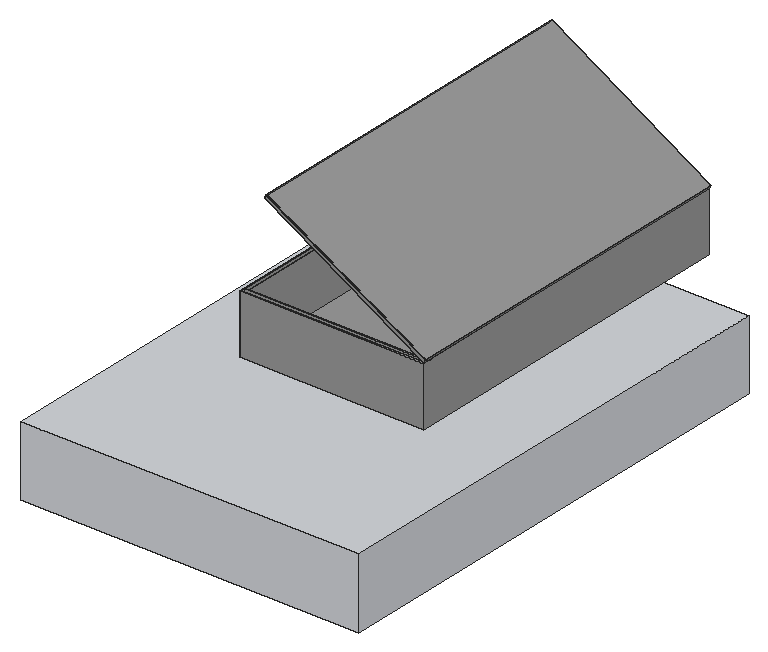
Revit family "Hager-Univers-IP55-D275-H1550-Cl.I-Steel_encl-CH-it", category Equipement électrique, Revit 2020
Family settings
  Hôte = Face
  Configuration du panneau = Deux colonnes, circuits au sein
  Cote de connecteur circulaire = Utiliser le diamètre
  Type d'élément = Tableau de raccordement
  Couper avec des vides une fois chargée = Non
  Partagée = Non
  Point de calcul de pièce = Non
Parameters (values of type "A parete IP55 L800 A1550 P275  - FR03E")
  Width Control [instance] = if([EF000008 - Larghezza] > Min Width, [EF000008 - Larghezza], Min Width)  # 800 mm
  Commentaires du type = [HG000003 - Gamma]  # "Univers"
  Thickness Door [instance] = if([EF009171 - spessore materiale porta/coperchio] > 3 mm, 3 mm, [EF009171 - spessore materiale porta/coperchio])  # 1.5 mm
  Seal Frame Offset [instance] = 17 mm  # constant formula
  Plinth Visibility [instance] = [HG000027 - Altezza dello zoccolo] > 0 mm  # no
  Model = ""
  Min Width [instance] = 100 mm  # constant formula
  Min Height [instance] = 100 mm  # constant formula
  Min Depth [instance] = (2 * [EF009170 - spessore materiale scatola]) + 1 mm  # 4 mm
  Internal Frame Depth [instance] = (Door System Depth * 0.5)  # 9 mm
  Height Control [instance] = if([EF000040 - Altezza] > Min Height, [EF000040 - Altezza], Min Height)  # 1550 mm
  HG000027 - Altezza dello zoccolo = 0 mm
  HG000026 - A pavimento = no
  HG000024 - Altezza della sezione inferiore = 800 mm
  HG000023 - Custodia a doppia sezione = no
  HG000016 - Visibilità delle porte nella vista 3D [instance] = yes
  HG000015 - Visibilità attraverso la porta [instance] = no
  HG000014 - Porta destra [instance] = yes
  HG000013 - Porta sinistra [instance] = not([HG000014 - Porta destra])  # no
  HG000012 - Angolo di apertura della porta [instance] = 30.00°
  HG000010 - Porte asimmetriche = no
  HG000009 - Porta doppia a battente = no
  HG000006 - Ad incasso = no
  HG000004 - Codice produttore = "FR03E"
  HG000003 - Gamma = "Univers"
  HG000002 - Con porta = yes
  Frame Offset Bottom [instance] = 10 mm  # constant formula
  Frame Offset [instance] = 15 mm  # constant formula
  EF015940 - Coprire con rilascio di sovrapressione = no
  EF011959 - tipo di protezione (NEMA) = ""
  EF009554 - numero delle aperture per la piastra della flangia = 6
  Fabricant = "Hager"  # constant formula
  EF009212 - esecuzione coperchio = "EV000116 - chiuso"
  EF009171 - spessore materiale porta/coperchio = 1.5 mm
  EF009170 - spessore materiale scatola = 1.5 mm
  EF008873 - corrente nominale (In) = 800 A
  EF007800 - adatto per parafulmine = no
  EF006306 - con serratura = no
  EF006244 - coperchio/porta trasparente = no
  EF005474 - grado di protezione (IP) = "EV006420 - IP55"
  EF004464 - tipo di porta = "EV002646 - singolo"
  EF004427 - numero di moduli = 360
  EF004293 - resistenza agli urti = "EV008784 - IK10"
  EF003532 - adatto per uso esterno = no
  EF002950 - Numero moduli DIN = 24
  EF001613 - Integrità del circuito = "EV000494 - senza"
  EF001596 - Attacco Lampada = "EV000179 - acciaio"
  EF001131 - profondità interna = 275 mm
  EF001088 - possibilità di applicazione = yes
  EF000437 - numero di ingressi per conduttori = 6
  EF000339 - tipo di copertura = "EV004216 - porta"
  EF000266 - numero di file = 10
  EF000218 - profondità di incasso = 0 mm
  EF000118 - con piastra di montaggio = no
  EF000116 - numero RAL = "7035"
  EF000049 - profondità = 275 mm
  EF000040 - Altezza = 1550 mm
  EF000008 - Larghezza = 800 mm
  EF000007 - colore = "EV000270 - grigio"
  EF000003 - Tipo di montaggio = "EV000384 - A parete"
  Door System Leaf Tolerance [instance] = 1.5 mm  # constant formula
  Door System Depth [instance] = 18 mm  # constant formula
  Door Height [instance] = Height Control - [HG000027 - Altezza dello zoccolo]  # 1550 mm
  Depth Control [instance] = if([EF000049 - profondità] > Min Depth, [EF000049 - profondità], Min Depth)  # 275 mm
  Default Elevation = 0 mm
  Connector Offset [instance] = Height Control / 2  # 775 mm
  Bottom Top Plate Trim [instance] = 1.5 mm  # constant formula
  Plinth height Ctrl [instance] = if([HG000027 - Altezza dello zoccolo] > 0 mm, [HG000027 - Altezza dello zoccolo], 12 mm)  # 12 mm
Types (5, lengths in mm): name | Width Control | HG000010 - Porte asimmetriche | HG000009 - Porta doppia a battente | HG000004 - Codice produttore | EF009554 - numero delle aperture per la piastra della flangia | EF004464 - tipo di porta | EF004427 - numero di moduli | EF000437 - numero di ingressi per conduttori | EF000008 - Larghezza
  A parete IP55 L1050 A1550 P275  - FR04E | 1050 | no | yes | "FR04E" | 8 | "EV003602 - doppio" | 480 | 8 | 1050
  A parete IP55 L1300 A1550 P275  - FR05E | 1300 | yes | yes | "FR05E" | 10 | "EV003602 - doppio" | 600 | 10 | 1300
  A parete IP55 L300 A1550 P275  - FR01E | 300 | no | no | "FR01E" | 2 | "EV002646 - singolo" | 120 | 2 | 300
  A parete IP55 L550 A1550 P275  - FR02E | 550 | no | no | "FR02E" | 4 | "EV002646 - singolo" | 240 | 4 | 550
  A parete IP55 L800 A1550 P275  - FR03E | 800 | no | no | "FR03E" | 6 | "EV002646 - singolo" | 360 | 6 | 800
Reference planes
  plane 1 "Center (Front/Back)": y = 0
  plane 2: z = 0
  plane 3 "Center (Left/Right)": x = 0
  plane 4: z = 275
  plane 5: y = 1.5
  plane 6: y = 775
  plane 7: y = 0
  plane 8: y = 1550
  plane 9: z = 0
  plane 10: x = -385
  plane 11: x = 385
  plane 12: x = 383.5
  plane 13: x = -383.5
  plane 14: y = 1548.5
  plane 15: x = -383
  plane 16: x = -400
  plane 17: x = 383
  plane 18: x = 400
  plane 19: x = 398.5
  plane 20: x = -398.5
  plane 21: y = 11.5
  plane 22: y = 1550
  plane 23: y = 1533.5
  plane 24: z = 257
  plane 25: z = 1.5
  plane 26: z = 255.5
  plane 27: z = 273.5
Forms (mm)
  Extrusion 1, solid
    sketch origin (0, 0, 0) x (1, 0, 0) y (0, 1, 0)
      loop
        line (-702.964, 1305) -> (-702.964, -811.445) -> (766.763, -811.445) -> (766.763, 1305) -> (-702.964, 1305)
    from 0 to -304.8
  Extrusion 2, solid, material "Hager_Steel_RAL7035_Light_Grey", visible <- "Plinth Visibility", detail levels medium+fine
    sketch origin (0, 0, 0) x (1, 0, 0) y (0, 1, 0)
      loop
        line (-400, 0) -> (400, 0) -> (400, 12) -> (-400, 12) -> (-400, 0)
    from 0 to 257
  Extrusion 3, solid, material "Hager_Steel_RAL7035_Light_Grey", detail levels medium+fine
    sketch origin (0, 0, 0) x (1, 0, 0) y (0, 1, 0)
      loop
        line (-400, 0) -> (400, 0) -> (400, 1550) -> (-400, 1550) -> (-400, 0)
    from 0 to 257
  Extrusion 4, void
    sketch origin (0, 0, 0) x (1, 0, 0) y (0, 1, 0)
      loop
        line (-398.5, 1.5) -> (398.5, 1.5) -> (398.5, 1548.5) -> (-398.5, 1548.5) -> (-398.5, 1.5)
    from 1.5 to 255.5
  Extrusion 5, void
    sketch origin (-381.607, -4572, 257) x (0, -1, 0) y (-1, 0, 0)
      loop
        line (-4583.5, 1.893) -> (-6105.5, 1.893) -> (-6105.5, -765.107) -> (-4583.5, -765.107) -> (-4583.5, 1.893)
    from 0 to 1.5 <- "EF009170 - spessore materiale scatola"
  Extrusion 6, solid, material "Hager_Steel_RAL7035_Light_Grey", detail levels fine
    sketch origin (0, 0, 257) x (1, 0, 0) y (0, 1, 0)
      loop
        line (-383.5, 1533.5) -> (-383.5, 11.5) -> (383.5, 11.5) -> (383.5, 1533.5) -> (-383.5, 1533.5)
      loop
        line (-385, 10) -> (385, 10) -> (385, 1535) -> (-385, 1535) -> (-385, 10)
    from 0 to 9 <- "Internal Frame Depth"
  Extrusion 7, solid, material "Hager_Steel_RAL7035_Light_Grey", detail levels coarse
    sketch origin (0, 0, 0) x (1, 0, 0) y (0, 1, 0)
      loop
        line (-400, 0) -> (400, 0) -> (400, 1550) -> (-400, 1550) -> (-400, 0)
    from 0 to 275
  Sweep 8, void
    path in 3D
      loop
        line (-400, 12, 0) -> (400, 12, 0) -> (400, 12, 257) -> (-400, 12, 257) -> (-400, 12, 0)
    profile origin (-400, 12, 128.5) x (-1, 0, 0) y (0, -1, 0)
      loop
        line (0, 0) -> (0, 1.5) -> (-1.5, 1.5)
        arc (-1.5, 1.5) -> (-1.061, 0.439) -> (0, 0) r 1.5
Cuts and joins
  Extrusion 4, Extrusion 5 cuts Extrusion 3
  Sweep 8 cuts Extrusion 2
Lines and regions (mm)
  Masking region 1
    outline origin (0, 0, 0) x (1, 0, 0) y (0, 0, 1)
      loop
        line (-400, 275) -> (-400, 0) -> (400, 0) -> (400, 275) -> (-400, 275)
  Masking region 2, detail levels medium+fine
    outline origin (0, 140, 0) x (0, 1, 0) y (0, 0, 1)
      loop
        line (-140, 0) -> (1410, 0) -> (1410, 257) -> (-140, 257) -> (-140, 0)
  Masking region 3, not visible, detail levels medium+fine
    outline origin (0, 297.922, 0) x (0, 1, 0) y (0, 0, 1)
      loop
        line (488.578, 0) -> (528.578, 0) -> (528.578, 263.5)
        arc (528.578, 263.5) -> (525.649, 270.571) -> (518.578, 273.5) r 10
        line (518.578, 273.5) -> (488.578, 273.5) -> (488.578, 0)
  Masking region 4, detail levels coarse
    outline origin (0, 0, 180) x (0, 1, 0) y (0, 0, 1)
      loop
        line (0, -180) -> (1550, -180) -> (1550, 95) -> (0, 95) -> (0, -180)
  Masking region 5, visible <- "Plinth Visibility", detail levels medium+fine
    outline origin (0, 52.24, 12.345) x (0, 0, -1) y (0, 1, 0)
      loop
        line (10.845, -40.24) -> (-243.155, -40.24)
        arc (-243.155, -40.24) -> (-243.594, -41.301) -> (-244.655, -41.74) r 1.5
        line (-244.655, -41.74) -> (-244.655, -52.24) -> (12.345, -52.24) -> (12.345, -41.74)
        arc (12.345, -41.74) -> (11.285, -41.301) -> (10.845, -40.24) r 1.5
  Masking region 6, detail levels medium+fine
    outline origin (-381.607, -4572, 257) x (-1, 0, 0) y (0, -1, 0)
      loop
        line (18.393, -6122) -> (18.393, -4572) -> (-781.607, -4572) -> (-781.607, -6122) -> (18.393, -6122)
  Masking region 7, visible <- "Plinth Visibility", detail levels medium+fine
    outline origin (-381.607, -4727, 257) x (-1, 0, 0) y (0, -1, 0)
      loop
        arc (16.893, -4739) -> (17.332, -4737.939) -> (18.393, -4737.5) r 1.5
        line (18.393, -4737.5) -> (18.393, -4727) -> (-781.607, -4727) -> (-781.607, -4737.5)
        arc (-781.607, -4737.5) -> (-780.546, -4737.939) -> (-780.107, -4739) r 1.5
        line (-780.107, -4739) -> (16.893, -4739)
  Masking region 8, detail levels coarse
    outline origin (-442.548, -4669.526, 257) x (-1, 0, 0) y (0, -1, 0)
      loop
        line (-42.548, -6219.526) -> (-42.548, -4669.526) -> (-842.548, -4669.526) -> (-842.548, -6219.526) -> (-42.548, -6219.526)
  sketch lines
    curve 1: line (-400, 12, 257) -> (-400, 12, 0)
    curve 2: line (400, 12, 257) -> (-400, 12, 257)
    curve 3: line (400, 12, 257) -> (400, 12, 0)
    curve 4: line (-400, 12, 0) -> (400, 12, 0)
Dimensions and locks
  "Depth Control": plane 4 to Extrusion 1
  "HG000027 - Altezza dello zoccolo": plane 1 "Center (Front/Back)" to plane 7
  "EF009170 - spessore materiale scatola": plane 5 to plane 7
  locked: connector elem to plane 3 "Center (Left/Right)"
  equal spacing: plane 8, plane 6, plane 7
  locked: connector elem to plane 6
  "EF009170 - spessore materiale scatola": plane 8 to plane 14
  "EF009170 - spessore materiale scatola": plane 10 to plane 13
  "EF009170 - spessore materiale scatola": plane 12 to plane 11
  "Frame Offset": plane 20 to plane 13
  "Frame Offset": plane 12 to plane 19
  "EF009170 - spessore materiale scatola": plane 16 to plane 20
  "EF009170 - spessore materiale scatola": plane 19 to plane 18
  "Seal Frame Offset": plane 16 to plane 15
  "Seal Frame Offset": plane 17 to plane 18
  "Frame Offset Bottom": plane 21 to plane 5
  "Frame Offset": plane 14 to plane 23
  equal spacing: plane 16, plane 3 "Center (Left/Right)", plane 18
  "Width Control": plane 16 to plane 18
  "EF009170 - spessore materiale scatola": plane 4 to plane 27
  "EF009170 - spessore materiale scatola": plane 24 to plane 26
  "EF009170 - spessore materiale scatola": plane 25 to level
  "Door System Depth": plane 4 to plane 24
  "Height Control": plane 1 "Center (Front/Back)" to Extrusion 7 sketch curve
  "Height Control": Masking region 4 sketch curve to plane 1 "Center (Front/Back)"
  "Height Control": plane 1 "Center (Front/Back)" to plane 22
  "Bottom Top Plate Trim": profile plane to Sweep 8 sketch curve
  "Bottom Top Plate Trim": Sweep 8 sketch curve to profile plane
  "Plinth height Ctrl": plane 1 "Center (Front/Back)" to Extrusion 2 sketch curve
  "Plinth height Ctrl": Masking region 5 sketch curve to plane 1 "Center (Front/Back)"
  "Plinth height Ctrl": plane 1 "Center (Front/Back)" to Masking region 7 sketch curve
  "Thickness Door": Extrusion 6 sketch curve to Extrusion 6 sketch curve  (x3)
  "Thickness Door": cut or joined group of Extrusion 3, Extrusion 4, Extrusion 5 to Extrusion 6 sketch curve
  radius of Masking region 3 sketch curve = 10 mm
  "Bottom Top Plate Trim": radius of Masking region 5 sketch curve  (x2)
  "Bottom Top Plate Trim": radius of Sweep 8 sketch curve
  "Bottom Top Plate Trim": radius of Masking region 7 sketch curve  (x2)
  aligned and locked: plane 2 to Extrusion 1
  aligned and locked: level to Extrusion 1
  aligned and locked: level to Masking region 1 sketch curve
  aligned and locked: Masking region 1 sketch curve to plane 18
  aligned and locked: Masking region 1 sketch curve to plane 16
  aligned and locked: plane 7 to Masking region 2 sketch curve
  aligned and locked: level to Masking region 3 sketch curve
  aligned and locked: Masking region 3 sketch curve to plane 27
  aligned and locked: level to Masking region 2 sketch curve
  aligned and locked: plane 1 "Center (Front/Back)" to Extrusion 2 sketch curve
  aligned and locked: Extrusion 3 sketch curve to plane 7
  aligned and locked: plane 16 to Extrusion 3 sketch curve
  aligned and locked: plane 18 to Extrusion 3 sketch curve
  aligned and locked: plane 20 to Extrusion 4 sketch curve
  aligned and locked: plane 19 to Extrusion 4 sketch curve
  aligned and locked: Extrusion 4 sketch curve to plane 5
  aligned and locked: Extrusion 4 to plane 25
  aligned and locked: plane 26 to Extrusion 4
  aligned and locked: plane 24 to Extrusion 3
  aligned and locked: Extrusion 5 sketch curve to plane 21
  aligned and locked: Extrusion 5 sketch curve to plane 13
  aligned and locked: Extrusion 5 sketch curve to plane 12
  aligned and locked: plane 18 to Extrusion 7 sketch curve
  aligned and locked: plane 1 "Center (Front/Back)" to Extrusion 7 sketch curve
  aligned and locked: plane 16 to Extrusion 7 sketch curve
  aligned and locked: plane 4 to Extrusion 7
  aligned and locked: Extrusion 7 to level
  aligned and locked: level to Masking region 4 sketch curve
  aligned and locked: Masking region 4 sketch curve to plane 1 "Center (Front/Back)"
  aligned and locked: Masking region 4 sketch curve to plane 4
  aligned and locked: nested 1 to level
  aligned and locked: nested 1 to plane 16
  aligned and locked: plane 8 to Extrusion 3 sketch curve
  aligned and locked: plane 23 to Extrusion 5 sketch curve
  aligned and locked: plane 14 to Extrusion 4 sketch curve
  aligned and locked: Masking region 2 sketch curve to plane 8
  aligned and locked: level to Masking region 5 sketch curve
  aligned and locked: plane 16 to Extrusion 2 sketch curve
  aligned and locked: plane 18 to Extrusion 2 sketch curve
  aligned and locked: Masking region 5 sketch curve to plane 24
  aligned and locked: Masking region 2 sketch curve to plane 24
  aligned and locked: plane 24 to Extrusion 2
  aligned and locked: profile plane to Sweep 8 sketch curve  (x2)
  aligned and locked: Masking region 6 sketch curve to plane 18
  aligned and locked: Masking region 6 sketch curve to plane 22
  aligned and locked: Masking region 6 sketch curve to plane 16
  aligned and locked: plane 8 to plane 22
  aligned and locked: Masking region 6 sketch curve to plane 7
  aligned and locked: Masking region 7 sketch curve to plane 16
  aligned and locked: Masking region 7 sketch curve to plane 1 "Center (Front/Back)"
  aligned and locked: Masking region 7 sketch curve to plane 18
  aligned and locked: Masking region 8 sketch curve to plane 1 "Center (Front/Back)"
  aligned and locked: Masking region 8 sketch curve to plane 18
  aligned and locked: Masking region 8 sketch curve to plane 22
  aligned and locked: Masking region 8 sketch curve to plane 16
  aligned and locked: nested 2 to plane 7
  aligned and locked: plane 3 "Center (Left/Right)" to nested 2
  aligned and locked: nested 2 to plane 24
  aligned and locked: Extrusion 6 sketch curve to cut or joined group of Extrusion 3, Extrusion 4, Extrusion 5  (x4)
Automatic sketch dimensions
  Extrusion 1 sketch curve to Extrusion 1 sketch curve = 1469.727 mm
  Extrusion 1 sketch curve to Extrusion 1 sketch curve = 2116.445 mm
  Masking region 1 sketch curve to plane 4 = 0 mm
  plane 6 to Masking region 3 sketch curve = 11.5 mm
  Masking region 3 sketch curve to Masking region 3 sketch curve = 30 mm
  Masking region 5 sketch curve to plane 1 "Center (Front/Back)" = 0 mm
Nested families
  nested 1: "Hager_Enclosure_Symbol" at (-400, 0, 0) x (1, 0, 0) z (0, -1, 0), Height <- "Depth Control", Width <- "Width Control", type "Hager_Enclosure_Symbol"
    with Width_Ctrl 800 mm, Width 800 mm, Height_Ctrl 275 mm, Height 275 mm, A_Width_Int 18.047 mm, A_Width 216.562 mm, A_Height_Ctrl 240.625 mm, A_Height 240.625 mm
  nested 2: "EC000058_Univers_Door" at (0, 0, 257) x (1, 0, 0) z (0, 1, 0), Leaf_Tolerance <- "Door System Leaf Tolerance", Angle <- "HG000012 - Angolo di apertura della porta", Door_Depth <- "Door System Depth", Door_Left <- "HG000013 - Porta sinistra", Transparent <- "EF006244 - coperchio/porta trasparente", Assymetrical <- "HG000010 - Porte asimmetriche", Width <- "Width Control", Clearance <- "HG000015 - Visibilità attraverso la porta", Double <- "HG000009 - Porta doppia a battente", 3d_Door <- "HG000016 - Visibilità delle porte nella vista 3D", Lock_Visibility <- "EF006306 - con serratura", Width_Ctrl <- "Width Control", Door_Right <- "HG000014 - Porta destra", Door <- "HG000002 - Con porta", Height <- "Door Height", Thickness <- "Thickness Door", type "EC000058_Univers_Door", detail levels medium+fine
    with min_wh 4 mm, Width_Ctrl 800 mm, Width 800 mm, Transparent no, Thickness 1.5 mm, Seal_Material Hager_Rubber, Lock_Visibility no, Lock_Material Hager_Plastic_RAL9005_Jet_Black, Leaf_Width 800 mm, Leaf_Tolerance_External_Sides 0 mm, Leaf_Tolerance 1.5 mm, Leaf_Offset 0 mm, Leaf_Height 1547 mm, Leaf_2_Width 800 mm, Leaf_2_Offset 400 mm, Leaf_1_Width 800 mm, Leaf_1_Offset 400 mm, Height_Ctrl 1550 mm, Height 1550 mm, Glass_Material Hager_Glass, Double_Clearance_Ctrl no, Double no, Door_Right_Ctrl yes, Door_Right yes, Door_Material Hager_Steel_RAL7035_Light_Grey, Door_Left_Ctrl no, Door_Left no, Door_Depth 18 mm, Door yes, Clearance_Material Hager_Clearance, Clearance_Depth 800 mm, Clearance_Ctrl no, Clearance no, Assymetrical no, Angle 30.00°, 3d_Door yes
Connectors
  electrical at (0, 775, 0)
    settings: on plane 9, index 1, voltage 0 V, apparent load 0 VA, apparent load phase1 0 VA, apparent load phase2 0 VA, apparent load phase3 0 VA, power factor 1, load classification "Other", number of poles 1, system type 30, power factor state 1, is connector primary yes, connector utility no, sub classification motor no, connector description ""
Definition of nested family "EC000058_Univers_Door"
  Parameters (values of type "EC000058_Univers_Door")
    min_wh [instance] = (2 * Thickness) + 1 mm  # 11 mm
    Width_Ctrl [instance] = 400 mm
    Width [instance] = 500 mm
    Transparent [instance] = yes
    Thickness [instance] = 5 mm
    Seal_Material [instance] = none
    Lock_Visibility [instance] = yes
    Lock_Material [instance] = none
    Leaf_Width [instance] = if((Width_Ctrl - 2 * Leaf_Tolerance_External_Sides) > 0 mm, (Width_Ctrl - 2 * Leaf_Tolerance_External_Sides), min_wh)  # 400 mm
    Leaf_Tolerance_External_Sides [instance] = 0 mm  # constant formula
    Leaf_Tolerance [instance] = 1.5 mm
    Leaf_Offset [instance] = 0 mm  # constant formula
    Leaf_Height [instance] = if((Height_Ctrl - 2 * Leaf_Tolerance) > 0 mm, (Height_Ctrl - 2 * Leaf_Tolerance), min_wh)  # 497 mm
    Leaf_2_Width [instance] = if(and(and(Double, Assymetrical), Door_Left), (Leaf_Width / 3) - (Leaf_Tolerance / 2), if(and(and(Double, Assymetrical), Door_Right), (Leaf_Width / 3) * 2 - (Leaf_Tolerance / 2), if(and(Double, not(Assymetrical)), (Leaf_Width / 2) - Leaf_Tolerance, Leaf_Width)))  # 400 mm
    Leaf_2_Offset [instance] = if(and(Double, Assymetrical), Leaf_2_Width / 2, if(and(Double, not(Assymetrical)), Leaf_Width / 4, Leaf_Width / 2))  # 200 mm
    Leaf_1_Width [instance] = if(and(and(Double, Assymetrical), Door_Right), (Leaf_Width / 3) - (Leaf_Tolerance / 2), if(and(and(Double, Assymetrical), Door_Left), (Width / 3) * 2 - (Leaf_Tolerance / 2), if(and(Double, not(Assymetrical)), (Leaf_Width / 2) - Leaf_Tolerance, Leaf_Width)))  # 400 mm
    Leaf_1_Offset [instance] = if(and(Double, Assymetrical), Leaf_1_Width / 2, if(and(Double, not(Assymetrical)), Leaf_Width / 4, Leaf_Width / 2))  # 200 mm
    Height_Ctrl [instance] = if(Height > min_wh, Height, min_wh)  # 500 mm
    Height [instance] = 500 mm
    Glass_Material [instance] = none
    Double_Clearance_Ctrl [instance] = and(Double, Clearance)  # no
    Double [instance] = no
    Door_Right_Ctrl [instance] = and(or(Door_Right, Double), Door)  # yes
    Door_Right [instance] = yes
    Door_Material [instance] = none
    Door_Left_Ctrl [instance] = and(or(Door_Left, Double), Door)  # no
    Door_Left [instance] = no
    Door_Depth [instance] = 30 mm
    Door [instance] = yes
    Default Elevation = 1219.2 mm
    Clearance_Material [instance] = none
    Clearance_Depth [instance] = if(Leaf_1_Width > Leaf_2_Width, Leaf_1_Width, Leaf_2_Width)  # 400 mm
    Clearance_Ctrl [instance] = and(not(Double), Clearance)  # yes
    Clearance [instance] = yes
    Assymetrical [instance] = yes
    Angle [instance] = 30.00°
    3d_Door [instance] = yes
  Reference planes
    plane 1 "Center (Front/Back)": y = 0
    plane 2 "Bottom": z = 0
    plane 3 "Center (Left/Right)": x = 0
    plane 4: z = 500
    plane 5: x = -200
    plane 6: x = 200
    plane 7: z = 500
    plane 8: x = -200
    plane 9: z = 0
    plane 10: x = 200
    plane 11: y = 0
    plane 12: z = 1.5
    plane 13: x = -600
    plane 14: y = -400
    plane 15: x = 600
    plane 16: x = 0
    plane 17: x = 0
    plane 18: x = -200
    plane 19: x = 200
    plane 20: z = 498.5
  Forms (mm)
    Extrusion 1, solid, material <- "Clearance_Material", visible <- "Double_Clearance_Ctrl"
      sketch origin (1200, 0, 0) x (1, 0, 0) y (0, 0, -1)
        loop
          line (-1800, -498.5) -> (-600, -498.5) -> (-600, 0) -> (-1800, 0) -> (-1800, -498.5)
      from 0 to -400
  Dimensions and locks
    equal spacing: plane 5, plane 3 "Center (Left/Right)", plane 6
    "Width_Ctrl": plane 5 to plane 6
    "Leaf_Offset": plane 5 to plane 8
    "Leaf_Offset": plane 6 to plane 10
    "Leaf_Offset": plane 9 to level
    "Leaf_Offset": plane 4 to plane 7
    "Height_Ctrl": plane 4 to level
    "Leaf_Tolerance": plane 12 to plane 9
    locked: plane 11 to plane 1 "Center (Front/Back)"
    "Leaf_1_Offset": plane 18 to plane 16
    "Leaf_2_Offset": plane 17 to plane 19
    "Leaf_1_Width": plane 13 to plane 8
    "Leaf_2_Width": plane 10 to plane 15
    "Clearance_Depth": plane 14 to plane 1 "Center (Front/Back)"
    "Leaf_Tolerance_External_Sides": plane 8 to plane 18
    "Leaf_Tolerance_External_Sides": plane 19 to plane 10
    "Leaf_Tolerance": plane 7 to plane 20
    aligned and locked: level to plane 2 "Bottom"
    aligned and locked: nested 1 to plane 16
    aligned and locked: nested 2 to plane 17
    aligned and locked: Extrusion 1 to plane 13
    aligned and locked: plane 15 to Extrusion 1
    aligned and locked: Extrusion 1 to plane 14
    aligned and locked: plane 12 to nested 1
    aligned and locked: nested 2 to plane 12
    aligned and locked: Extrusion 1 to plane 11
    aligned and locked: plane 20 to Extrusion 1
    aligned and locked: nested 2 to plane 11
    aligned and locked: nested 1 to plane 11
  Automatic sketch dimensions
    Extrusion 1 sketch curve to level = 0 mm
    plane 5 to Extrusion 1 sketch curve = 400 mm
    plane 6 to Extrusion 1 sketch curve = 400 mm
    Extrusion 1 sketch curve to plane 4 = 1.5 mm
  Nested families
    nested 1: "EC000058_Univers_Door_Leaf" at (0, 0, 1.5), Width <- "Leaf_1_Width", visible <- "Door_Left_Ctrl", Leaf_Height <- "Leaf_Height", Angle <- "Angle", 3d_Door <- "3d_Door", Transparent <- "Transparent", Clearance Material <- "Clearance_Material", Clearance <- "Clearance_Ctrl", Door_Material <- "Door_Material", Glass_Material <- "Glass_Material", Door_Depth <- "Door_Depth", Lock_Material <- "Lock_Material", Seal_Material <- "Seal_Material", Lock_Visibility <- "Lock_Visibility", Thickness <- "Thickness", type "EC000058_Univers_Door_Leaf"
      with Width 400 mm, Transparent_Glass_Offset 30 mm, Transparent_Ctrl yes, Transparent yes, Thickness 5 mm, Standard no, Seal_Material none, Seal_D2 8 mm, Seal_D1 1 mm, Offset_Internal_Frame 10 mm, Lock_Width 20 mm, Lock_Visibility_3d yes, Lock_Visibility yes, Lock_Thickness_3 3 mm, Lock_Thickness_2 1 mm, Lock_Thickness_1 3 mm, Lock_Radius_Offset_2 16 mm, Lock_Radius_Offset_1 15 mm, Lock_Radius_2 5 mm, Lock_Radius 6 mm, Lock_Offset 5 mm, Lock_Material none, Lock_Height 80 mm, Lock_Cover_Top_Offset_2d 17 mm, Lock_Cover_Height -65 mm, Leaf_Height 497 mm, Internal_Seal_Thickness 8 mm, Internal_Seal_Depth_2 4.5 mm, Internal_Frame_Depth 25 mm, Glass_Thickness -1 mm, Glass_Offset -2 mm, Glass_Material none, Door_Material none, Door_Depth 30 mm, Clearance Material none, Clearance yes, Angle_Ctrl 30.00°, Angle 30.00°, 3d_Door yes
    nested 2: "EC000058_Univers_Door_Leaf" at (0, 0, 1.5) x (-1, 0, 0) z (0, 0, 1), Width <- "Leaf_2_Width", visible <- "Door_Right_Ctrl", Leaf_Height <- "Leaf_Height", Angle <- "Angle", 3d_Door <- "3d_Door", Transparent <- "Transparent", Clearance Material <- "Clearance_Material", Clearance <- "Clearance_Ctrl", Door_Material <- "Door_Material", Glass_Material <- "Glass_Material", Door_Depth <- "Door_Depth", Lock_Material <- "Lock_Material", Seal_Material <- "Seal_Material", Lock_Visibility <- "Lock_Visibility", Thickness <- "Thickness", type "EC000058_Univers_Door_Leaf"
      with Width 400 mm, Transparent_Glass_Offset 30 mm, Transparent_Ctrl yes, Transparent yes, Thickness 5 mm, Standard no, Seal_Material none, Seal_D2 8 mm, Seal_D1 1 mm, Offset_Internal_Frame 10 mm, Lock_Width 20 mm, Lock_Visibility_3d yes, Lock_Visibility yes, Lock_Thickness_3 3 mm, Lock_Thickness_2 1 mm, Lock_Thickness_1 3 mm, Lock_Radius_Offset_2 16 mm, Lock_Radius_Offset_1 15 mm, Lock_Radius_2 5 mm, Lock_Radius 6 mm, Lock_Offset 5 mm, Lock_Material none, Lock_Height 80 mm, Lock_Cover_Top_Offset_2d 17 mm, Lock_Cover_Height -65 mm, Leaf_Height 497 mm, Internal_Seal_Thickness 8 mm, Internal_Seal_Depth_2 4.5 mm, Internal_Frame_Depth 25 mm, Glass_Thickness -1 mm, Glass_Offset -2 mm, Glass_Material none, Door_Material none, Door_Depth 30 mm, Clearance Material none, Clearance yes, Angle_Ctrl 30.00°, Angle 30.00°, 3d_Door yes
  Definition of nested family "EC000058_Univers_Door_Leaf"
    Parameters (values of type "EC000058_Univers_Door_Leaf")
      Width [instance] = 2000 mm
      Transparent_Glass_Offset [instance] = 30 mm
      Transparent_Ctrl [instance] = and(Transparent, [3d_Door])  # yes
      Transparent [instance] = yes
      Thickness [instance] = 5 mm
      Standard [instance] = and(not(Transparent), [3d_Door])  # no
      Seal_Material [instance] = none
      Seal_D2 [instance] = 8 mm  # constant formula
      Seal_D1 [instance] = 1 mm  # constant formula
      Offset_Internal_Frame [instance] = 10 mm  # constant formula
      Lock_Width [instance] = 20 mm  # constant formula
      Lock_Visibility_3d [instance] = and(Lock_Visibility, [3d_Door])  # yes
      Lock_Visibility [instance] = yes
      Lock_Thickness_3 [instance] = 3 mm  # constant formula
      Lock_Thickness_2 [instance] = 1 mm  # constant formula
      Lock_Thickness_1 [instance] = 3 mm  # constant formula
      Lock_Radius_Offset_2 [instance] = Lock_Radius_Offset_1 + 1 mm  # 16 mm
      Lock_Radius_Offset_1 [instance] = 15 mm  # constant formula
      Lock_Radius_2 [instance] = Lock_Radius - 1 mm  # 5 mm
      Lock_Radius [instance] = 6 mm  # constant formula
      Lock_Offset [instance] = 5 mm  # constant formula
      Lock_Material [instance] = none
      Lock_Height [instance] = 80 mm  # constant formula
      Lock_Cover_Top_Offset_2d [instance] = Lock_Radius_Offset_2 + 1 mm  # 17 mm
      Lock_Cover_Height [instance] = -(Lock_Height - Lock_Radius_Offset_1)  # -65 mm
      Leaf_Height [instance] = 2720.336 mm
      Internal_Seal_Thickness [instance] = 8 mm  # constant formula
      Internal_Seal_Depth_2 [instance] = 4.5 mm  # constant formula
      Internal_Frame_Depth [instance] = if(Door_Depth - Thickness > 5 mm, Door_Depth - Thickness, 5 mm)  # 25 mm
      Glass_Thickness [instance] = if(Thickness > 15 mm, Glass_Offset + 10 mm, -1 mm)  # -1 mm
      Glass_Offset [instance] = if(Thickness > 15 mm, -(Thickness + 10 mm) / 2, -2 mm)  # -2 mm
      Glass_Material [instance] = none
      Door_Material [instance] = none
      Door_Depth [instance] = 30 mm
      Default Elevation = 0 mm
      Clearance Material [instance] = none
      Clearance [instance] = yes
      Angle_Ctrl [instance] = if(Angle > 180.00°, 180.00°, Angle)  # 90.00°
      Angle [instance] = 90.00°
      3d_Door [instance] = yes
    Reference planes
      plane 1 "Center (Front/Back)": y = 0
      plane 2: z = 0
      plane 3 "Center (Left/Right)": x = 0
      plane 4: y = 2000
      plane 5: x = -1000
      plane 6: x = 1000
      plane 7: x = -3000
      plane 8: z = 2720.336
      plane 9: z = 30
      plane 10: z = 2690.336
      plane 11: x = 970
      plane 12: x = -970
      plane 13: y = -3
      plane 14: z = 107.833
      plane 15: y = -5
      plane 16: y = -223.314
      plane 17: x = -1000
      plane 18: z = 1360.168
      plane 19: y = 30
    Forms (mm)
      Extrusion 1, solid, material <- "Clearance Material", visible <- "Clearance"
        sketch origin (0, 0, 0) x (1, 0, 0) y (0, 0, 1)
          loop
            line (-3000, 2720.336) -> (-3000, 0) -> (1000, 0) -> (1000, 2720.336) -> (-3000, 2720.336)
        from 0 to -2000
      Extrusion 2, solid, material <- "Door_Material", visible <- "Standard", detail levels medium+fine
        sketch origin (-1000, 0, 0) x (0, 1, 0) y (-1, 0, 0)
          loop
            line (0, 30) -> (0, 25) -> (2000, 25) -> (2000, 30) -> (0, 30)
        from 0 to 2720.336 <- "Leaf_Height"
      Extrusion 3, solid, material <- "Door_Material", visible <- "Transparent_Ctrl", detail levels medium+fine
        sketch origin (-1000, 0, 0) x (0, 1, 0) y (-1, 0, 0)
          loop
            line (0, 25) -> (2000, 25) -> (2000, 30) -> (0, 30) -> (0, 25)
        from 0 to 2720.336 <- "Leaf_Height"
      Extrusion 4, void
        sketch origin (-1025, 2000, 0) x (0, 1, 0) y (0, 0, -1)
          loop
            line (-30, -2690.336) -> (-30, -30) -> (-1970, -30) -> (-1970, -2690.336) -> (-30, -2690.336)
        from 0 to 5 <- "Thickness"
      Sweep 5, solid, material <- "Seal_Material", visible <- "Transparent_Ctrl", detail levels fine
        path in 3D
          loop
            line (-1025, 30, 30) -> (-1025, 30, 2690.336) -> (-1025, 1970, 2690.336) -> (-1025, 1970, 30) -> (-1025, 30, 30)
        profile origin (-1025, 1000, 30) x (1, 0, 0) y (0, 0, 1)
          loop
            line (0, 0) -> (0, -8) -> (1, -8) -> (1, 0) -> (0, 0)
      Extrusion 6, solid, material <- "Glass_Material", visible <- "Transparent_Ctrl", detail levels medium+fine
        sketch origin (-1030, 0, 0) x (0, 1, 0) y (0, 0, -1)
          loop
            line (1970, -2690.336) -> (1970, -30) -> (30, -30) -> (30, -2690.336) -> (1970, -2690.336)
        from -2 <- "Glass_Offset" to -1 <- "Glass_Thickness"
      Extrusion 7, solid, material <- "Door_Material", visible <- "3d_Door", detail levels medium+fine
        sketch origin (-1025, 2000, 0) x (0, -1, 0) y (0, 0, -1)
          loop
            line (0, -2720.336) -> (2000, -2720.336) -> (2000, 0) -> (0, 0) -> (0, -2720.336)
          loop
            line (1995, -5) -> (5, -5) -> (5, -2715.336) -> (1995, -2715.336) -> (1995, -5)
        from 0 to 25 <- "Internal_Frame_Depth"
      Sweep 8, solid, material <- "Seal_Material", visible <- "Transparent_Ctrl", detail levels fine
        path in 3D
          loop
            line (-1025, 0, 0) -> (-1025, 2000, 0) -> (-1025, 2000, 2720.336) -> (-1025, 0, 2720.336) -> (-1025, 0, 0)
        profile origin (-1025, 0, 1360.168) x (1, 0, 0) y (0, 1, 0)
          loop
            line (0, 10) -> (2.975, 10)
            arc (2.975, 10) -> (4.053, 10.447) -> (4.5, 11.525) r 1.525
            line (4.5, 11.525) -> (4.5, 16.527)
            arc (4.5, 16.527) -> (4.069, 17.569) -> (3.027, 18) r 1.473
            line (3.027, 18) -> (0, 18) -> (0, 10)
      Extrusion 9, solid, material <- "Lock_Material", visible <- "Lock_Visibility_3d", detail levels fine
        sketch origin (-1030, 0, 0) x (0, 1, 0) y (0, 0, -1)
          loop
            arc (1993.5, -1400.168) -> (1994.561, -1399.729) -> (1995, -1398.668) r 1.5
            line (1995, -1398.668) -> (1995, -1320.168) -> (1975, -1320.168) -> (1975, -1398.668)
            arc (1975, -1398.668) -> (1975.439, -1399.729) -> (1976.5, -1400.168) r 1.5
            line (1976.5, -1400.168) -> (1993.5, -1400.168)
        from 3 <- "Lock_Thickness_1" to 0
      Blend 10, solid, material <- "Lock_Material", visible <- "Lock_Visibility_3d", detail levels fine
        base sketch origin (-1033, 0, 0) x (0, 1, 0) y (0, 0, -1)
          loop
            line (1975, -1320.168) -> (1975, -1398.668)
            arc (1975, -1398.668) -> (1975.439, -1399.729) -> (1976.5, -1400.168) r 1.5
            line (1976.5, -1400.168) -> (1993.5, -1400.168)
            arc (1993.5, -1400.168) -> (1994.561, -1399.729) -> (1995, -1398.668) r 1.5
            line (1995, -1398.668) -> (1995, -1320.168) -> (1975, -1320.168)
        top sketch origin (-1033, 0, 0) x (0, 1, 0) y (0, 0, -1)
          loop
            line (1976, -1320.168) -> (1976, -1398.668)
            arc (1976, -1398.668) -> (1976.146, -1399.022) -> (1976.5, -1399.168) r 0.5
            line (1976.5, -1399.168) -> (1993.5, -1399.168)
            arc (1993.5, -1399.168) -> (1993.854, -1399.022) -> (1994, -1398.668) r 0.5
            line (1994, -1398.668) -> (1994, -1320.168) -> (1976, -1320.168)
        from 0 to 1 <- "Lock_Thickness_2"
      Blend 11, solid, material <- "Lock_Material", visible <- "Lock_Visibility_3d", detail levels fine
        base sketch origin (-1034, 0, 0) x (0, 1, 0) y (0, 0, -1)
          loop
            line (1978, -1320.168) -> (1978, -1384.168)
            arc (1978, -1384.168) -> (1985, -1391.168) -> (1992, -1384.168) r 7
            line (1992, -1384.168) -> (1992, -1320.168) -> (1978, -1320.168)
        top sketch origin (-1034, 0, 0) x (0, 1, 0) y (0, 0, -1)
          loop
            line (1991, -1320.168) -> (1979, -1320.168) -> (1979, -1383.168)
            arc (1979, -1383.168) -> (1985, -1389.168) -> (1991, -1383.168) r 6
            line (1991, -1383.168) -> (1991, -1320.168)
        from 0 to 3 <- "Lock_Thickness_3"
      Extrusion 12, solid, material <- "Lock_Material", visible <- "Lock_Visibility_3d", detail levels fine
        sketch origin (-1030, 1975, 1320.168) x (1, 0, 0) y (0, -1, 0)
          loop
            line (-7, -19) -> (-7, -1) -> (0, -1) -> (0, 0) -> (-8, 0) -> (-8, -20) -> (0, -20) -> (0, -19) -> (-7, -19)
        from 0 to -65 <- "Lock_Cover_Height"
      Extrusion 13, void
        sketch origin (-1038, 1995, 1320.168) x (-1, 0, 0) y (0, 0, -1)
          loop
            line (-5, -65) -> (0, -65) -> (-5, -60) -> (-5, -65)
        from 0 to 20 <- "Lock_Width"
      Extrusion 14, void
        sketch origin (-1038, 1975, 1320.168) x (0, -1, 0) y (0, 0, -1)
          loop
            circle (-10, -15.995) r 6
          loop
            circle (-10, -15.995) r 5
        from 0 to 2
      Extrusion 15, solid, material <- "Lock_Material", visible <- "Lock_Visibility_3d", detail levels medium
        sketch origin (-1030, 0, 0) x (0, 1, 0) y (0, 0, -1)
          loop
            arc (1993.5, -1400.168) -> (1994.561, -1399.729) -> (1995, -1398.668) r 1.5
            line (1995, -1398.668) -> (1995, -1320.168) -> (1975, -1320.168) -> (1975, -1398.668)
            arc (1975, -1398.668) -> (1975.439, -1399.729) -> (1976.5, -1400.168) r 1.5
            line (1976.5, -1400.168) -> (1993.5, -1400.168)
        from 8 to 0
    Cuts and joins
      Extrusion 4 cuts Extrusion 3
      Extrusion 13, Extrusion 14 cuts Extrusion 9
      Extrusion 14 cuts Blend 11
      Extrusion 13, Extrusion 14 cuts Extrusion 12
      joined: Extrusion 9, Blend 10, Blend 11, Extrusion 12
      Extrusion 14 cuts Extrusion 15
    Lines and regions (mm)
      Masking region 1, visible <- "Lock_Visibility", detail levels fine
        outline origin (0, 0, 0) x (0, 1, 0) y (0, 0, 1)
          loop
            line (30, 1320.168) -> (33, 1320.168) -> (33, 1400.168) -> (30, 1400.168) -> (30, 1320.168)
      Masking region 2, visible <- "Lock_Visibility", detail levels fine
        outline origin (0, 3.143, 0) x (0, 1, 0) y (0, 0, 1)
          loop
            line (29.857, 1354.168) -> (30.857, 1354.168) -> (30.857, 1366.168) -> (29.857, 1366.168) -> (29.857, 1354.168)
      Masking region 3, detail levels medium+fine
        outline origin (0, 0, 0) x (0, 1, 0) y (0, 0, 1)
          loop
            line (0, 0) -> (30, 0) -> (30, 2720.336) -> (0, 2720.336) -> (0, 0)
      Masking region 4, detail levels medium+fine
        outline origin (0, 0, 0) x (1, 0, 0) y (0, 0, 1)
          loop
            line (-1000, 2720.336) -> (-1000, 0) -> (1000, 0) -> (1000, 2720.336) -> (-1000, 2720.336)
      Masking region 5, visible <- "Lock_Visibility", detail levels fine
        outline origin (-47.116, 0, 0) x (1, 0, 0) y (0, 0, 1)
          loop
            arc (1024.616, 1399.168) -> (1023.556, 1398.729) -> (1023.116, 1397.668) r 1.5
            line (1023.116, 1397.668) -> (1023.116, 1320.168) -> (1041.116, 1320.168) -> (1041.116, 1397.668)
            arc (1041.116, 1397.668) -> (1040.677, 1398.729) -> (1039.616, 1399.168) r 1.5
            line (1039.616, 1399.168) -> (1024.616, 1399.168)
      Masking region 6, visible <- "Lock_Visibility", detail levels medium+fine
        outline origin (-25, 0, 0) x (1, 0, 0) y (0, 0, 1)
          loop
            arc (1001.5, 1400.168) -> (1000.439, 1399.729) -> (1000, 1398.668) r 1.5
            line (1000, 1398.668) -> (1000, 1320.168) -> (1020, 1320.168) -> (1020, 1398.668)
            arc (1020, 1398.668) -> (1019.561, 1399.729) -> (1018.5, 1400.168) r 1.5
            line (1018.5, 1400.168) -> (1001.5, 1400.168)
      Masking region 7, visible <- "Lock_Visibility", detail levels fine
        outline origin (-73.735, 0, 0) x (1, 0, 0) y (0, 0, 1)
          loop
            line (1051.735, 1382.168) -> (1065.735, 1382.168) -> (1065.735, 1384.168)
            arc (1065.735, 1384.168) -> (1058.735, 1391.168) -> (1051.735, 1384.168) r 7
            line (1051.735, 1384.168) -> (1051.735, 1382.168)
      Masking region 8, visible <- "Lock_Visibility", detail levels fine
        outline origin (-73.735, 0, 0) x (1, 0, 0) y (0, 0, 1)
          loop
            line (1052.735, 1382.168) -> (1064.735, 1382.168) -> (1064.735, 1383.168)
            arc (1064.735, 1383.168) -> (1058.735, 1389.168) -> (1052.735, 1383.168) r 6
            line (1052.735, 1383.168) -> (1052.735, 1382.168)
      Masking region 9, visible <- "Lock_Visibility", detail levels fine
        outline origin (-25, 0, 0) x (1, 0, 0) y (0, 0, 1)
          loop
            line (1020, 1320.168) -> (1020, 1382.168) -> (1000, 1382.168) -> (1000, 1320.168) -> (1020, 1320.168)
      Masking region 10, detail levels medium+fine
        outline origin (0, 0, 0) x (1, 0, 0) y (0, 0, 1)
          loop
            circle (985, 1335.144) r 6
      Masking region 11, detail levels fine
        outline origin (0, 0, 0) x (1, 0, 0) y (0, 0, 1)
          loop
            circle (985, 1335.144) r 5
      Masking region 12, visible <- "Lock_Visibility", detail levels fine
        outline origin (0, 12.767, 0) x (0, 1, 0) y (0, 0, 1)
          loop
            line (20.233, 1320.168) -> (21.233, 1320.168) -> (21.233, 1399.168) -> (20.233, 1400.168) -> (20.233, 1320.168)
      Masking region 13, visible <- "Lock_Visibility", detail levels fine
        outline origin (0, 13.767, -10) x (0, 1, 0) y (0, 0, 1)
          loop
            line (20.233, 1330.168) -> (23.233, 1330.168) -> (23.233, 1399.168) -> (20.233, 1402.168) -> (20.233, 1330.168)
      Masking region 14, visible <- "Lock_Visibility", detail levels fine
        outline origin (0, 12.767, -10) x (0, 1, 0) y (0, 0, 1)
          loop
            line (20.233, 1330.168) -> (25.233, 1330.168) -> (25.233, 1399.305) -> (20.233, 1394.305) -> (20.233, 1330.168)
      Masking region 15, visible <- "Lock_Visibility", detail levels medium
        outline origin (0, 0, 0) x (0, 1, 0) y (0, 0, 1)
          loop
            line (30, 1320.168) -> (38, 1320.168) -> (38, 1400.168) -> (30, 1400.168) -> (30, 1320.168)
      Masking region 16, visible <- "Lock_Visibility", detail levels fine
        outline origin (-1000, 0, 0) x (0, 1, 0) y (-1, 0, 0)
          loop
            line (1975, 30) -> (1995, 30) -> (1995, 38) -> (1975, 38) -> (1975, 30)
          loop
            line (1979, 37) -> (1976, 37) -> (1976, 34) -> (1978, 34) -> (1979, 37)
          loop
            line (1994, 37) -> (1991, 37) -> (1992, 34) -> (1994, 34) -> (1994, 37)
      Masking region 17, visible <- "Lock_Visibility", detail levels medium
        outline origin (-1000, 0, 0) x (0, 1, 0) y (-1, 0, 0)
          loop
            line (1975, 30) -> (1995, 30) -> (1995, 38) -> (1975, 38) -> (1975, 30)
      symbolic lines
        curve 1: line (1000, 0, 0) -> (-3000, 0, 0)
        curve 2: arc (1000, 0, 0) -> (-1000, 2000, 0) -> (-3000, 0, 0) r 2000
        curve 4: line (-1030, 0, 0) -> (-1030, 2000, 0)
      reference lines
        curve 3: line (-1000, 0, 0) -> (-1000, 2000, 0)
      symbolic lines, detail levels medium+fine
        curve 5: line (-1030, 2000, 0) -> (-1025, 2000, 0)
        curve 7: line (-1025, 0, 0) -> (-1030, 0, 0)
        curve 8: line (-1025, 0, 0) -> (-1000, 0, 0)
        curve 9: line (-1000, 0, 0) -> (-1000, 2000, 0)
        curve 10: line (-1000, 2000, 0) -> (-1025, 2000, 0)
      symbolic lines, detail levels fine
        curve 6: line (-1025, 2000, 0) -> (-1025, 0, 0)
      sketch lines
        curve 11: line (-1025, 0, 2720.336) -> (-1025, 0, 0)
        curve 12: line (-1025, 2000, 0) -> (-1025, 0, 0)
        curve 13: line (-1025, 2000, 2720.336) -> (-1025, 2000, 0)
        curve 14: line (-1025, 0, 2720.336) -> (-1025, 2000, 2720.336)
        curve 15: line (-1025, 1970, 30) -> (-1025, 30, 30)
        curve 16: line (-1025, 30, 30) -> (-1025, 30, 2690.336)
        curve 17: line (-1025, 1970, 2690.336) -> (-1025, 1970, 30)
        curve 18: line (-1025, 30, 2690.336) -> (-1025, 1970, 2690.336)
      symbolic lines, visible <- "Transparent", detail levels medium+fine
        curve 19: line (-970, 0, 2690.336) -> (970, 0, 2690.336)
        curve 20: line (-970, 0, 30) -> (-970, 0, 2690.336)
        curve 21: line (970, 0, 30) -> (-970, 0, 30)
        curve 22: line (970, 0, 2690.336) -> (970, 0, 30)
    Dimensions and locks
      "Width": plane 1 "Center (Front/Back)" to plane 4
      equal spacing: plane 5, plane 3 "Center (Left/Right)", plane 6
      "Width": plane 5 to plane 6
      "Width": plane 7 to plane 5
      "Leaf_Height": plane 8 to level
      "Width": curve 5 to curve 3
      "Width": curve 3 to curve 3
      plane 8 to plane 10 = 30 mm
      plane 9 to level = 30 mm
      plane 12 to plane 5 = 30 mm
      plane 6 to plane 11 = 30 mm
      Extrusion 1 to Extrusion 4 sketch curve = 30 mm
      "Transparent_Glass_Offset": curve 3 to Extrusion 4 sketch curve
      "Transparent_Glass_Offset": Extrusion 4 sketch curve to cut or joined group of Extrusion 3, Extrusion 4  (x2)
      cut or joined group of Extrusion 3, Extrusion 4 to Extrusion 6 sketch curve = 30 mm
      "Transparent_Glass_Offset": cut or joined group of Extrusion 3, Extrusion 4 to Extrusion 4 sketch curve
      "Thickness": curve 6 to curve 4
      "Thickness": Extrusion 7 sketch curve to Extrusion 7 sketch curve  (x4)
      "Door_Depth": curve 4 to curve 3
      "Offset_Internal_Frame": profile plane to Sweep 8 sketch curve
      "Internal_Seal_Thickness": Sweep 8 sketch curve to Sweep 8 sketch curve
      "Internal_Seal_Depth_2": profile plane to Sweep 8 sketch curve
      "Seal_D1": profile plane to Sweep 5 sketch curve
      "Seal_D2": profile plane to Sweep 5 sketch curve
      "Thickness": Extrusion 2 sketch curve to Extrusion 2 sketch curve
      equal spacing: Extrusion 9 sketch curve, plane 18, Extrusion 9 sketch curve  (x2)
      equal spacing: Masking region 1 sketch curve, plane 18, Masking region 1 sketch curve
      "Lock_Height": Masking region 1 sketch curve to Masking region 1 sketch curve
      "Lock_Radius": Masking region 2 sketch curve to plane 18 to Masking region 2 sketch curve
      Masking region 2 sketch curve to Masking region 1 = 1 mm
      "Door_Depth": plane 19 to plane 1 "Center (Front/Back)"
      "Lock_Thickness_1": Masking region 1 sketch curve to plane 19
      "Lock_Width": Extrusion 9 sketch curve to Extrusion 9 sketch curve
      "Lock_Height": Extrusion 9 sketch curve to Extrusion 9 sketch curve
      "Lock_Offset": cut or joined group of Extrusion 3, Extrusion 4 to Extrusion 9 sketch curve
      equal spacing: plane 8, plane 18, level
      "Lock_Radius_Offset_1": Blend 11 sketch curve to Blend 10
      locked: Blend 10 to Blend 11 sketch curve at 2  (x2)
      locked: var sketch to Blend 11 sketch curve at 1  (x2)
      "Lock_Radius_Offset_2": Blend 11 sketch curve to Blend 10
      locked: Extrusion 12 sketch curve to Extrusion 12 sketch curve at 1  (x3)
      Masking region 6 sketch curve to Masking region 6 sketch curve = 80 mm
      "Lock_Height": Masking region 6 sketch curve to Masking region 6 sketch curve
      "Lock_Width": Masking region 6 sketch curve to Masking region 6 sketch curve
      locked: Masking region 6 to Masking region 5 sketch curve at 1  (x3)
      locked: Masking region 5 to Masking region 7 sketch curve at 2  (x2)
      "Lock_Radius_Offset_1": Masking region 5 to Masking region 7 sketch curve
      "Lock_Radius_Offset_2": Masking region 5 to Masking region 8 sketch curve
      locked: Masking region 7 to Masking region 8 sketch curve at 1  (x2)
      "Lock_Cover_Top_Offset_2d": Masking region 5 to Masking region 9 sketch curve
      equal spacing: Masking region 9, Masking region 10 sketch curve, Masking region 9
      equal spacing: Masking region 9, Masking region 11 sketch curve, Masking region 9
      Extrusion 15 sketch curve to Extrusion 15 sketch curve = 80 mm
      "Lock_Width": Extrusion 15 sketch curve to Extrusion 15 sketch curve
      "Lock_Height": Extrusion 15 sketch curve to Extrusion 15 sketch curve
      equal spacing: Extrusion 15 sketch curve, plane 18, Extrusion 15 sketch curve
      "Lock_Thickness_3": Masking region 13 sketch curve to Masking region 13 sketch curve
      "Lock_Height": Masking region 12 sketch curve to Masking region 12 sketch curve
      locked: Masking region 13 sketch curve to Masking region 1 at 8
      locked: Masking region 14 sketch curve to Masking region 13 at 1
      locked: Masking region 14 sketch curve to Masking region 1 at 10.863
      "Lock_Height": Masking region 15 sketch curve to Masking region 15 sketch curve
      "Lock_Offset": Extrusion 15 sketch curve to cut or joined group of Extrusion 3, Extrusion 4
      "Lock_Offset": plane 6 to Masking region 6 sketch curve
      radius of Sweep 8 sketch curve = 1.525 mm
      radius of Sweep 8 sketch curve = 1.473 mm
      radius of Extrusion 9 sketch curve = 1.5 mm  (x2)
      "Lock_Radius": radius of Extrusion 14 sketch curve
      "Lock_Radius_2": radius of Extrusion 14 sketch curve
      "Lock_Radius": radius of Masking region 10 sketch curve
      "Lock_Radius_2": radius of Masking region 11 sketch curve
      radius of Extrusion 15 sketch curve = 1.5 mm  (x2)
      "Angle_Ctrl": angle plane 1 "Center (Front/Back)" to curve 3
      locked: Masking region 12 sketch curve to Masking region 12 sketch curve (angle 45.00°)
      locked: Masking region 13 sketch curve to Masking region 13 sketch curve (angle 45.00°)
      locked: Masking region 14 sketch curve to Masking region 14 sketch curve (angle 45.00°)
      aligned and locked: level to plane 2
      aligned and locked: Extrusion 1 to curve 1
      aligned and locked: plane 6 to Extrusion 1
      aligned and locked: Extrusion 1 to plane 1 "Center (Front/Back)"
      aligned and locked: plane 4 to Extrusion 1
      aligned and locked: plane 8 to Extrusion 1
      aligned and locked: curve 7 to Extrusion 2 sketch curve
      aligned and locked: curve 5 to Extrusion 2 sketch curve
      aligned and locked: curve 7 to Extrusion 3 sketch curve
      aligned and locked: Extrusion 3 sketch curve to curve 4
      aligned and locked: Extrusion 3 sketch curve to curve 6
      aligned and locked: Extrusion 3 sketch curve to curve 5
      aligned and locked: curve 9 to curve 3
      aligned and locked: Extrusion 7 sketch curve to cut or joined group of Extrusion 3, Extrusion 4  (x4)
      aligned and locked: plane 17 to curve 3
      aligned and locked: plane 1 "Center (Front/Back)" to curve 3
      aligned and locked: plane 17 to plane 5
      aligned and locked: Sweep 8 sketch curve to profile plane
      aligned and locked: Sweep 5 sketch curve to profile plane  (x2)
      aligned and locked: Masking region 1 to Masking region 2 sketch curve
      aligned and locked: plane 19 to Masking region 1 sketch curve
      aligned and locked: plane 1 "Center (Front/Back)" to Masking region 3 sketch curve
      aligned and locked: plane 19 to Masking region 3 sketch curve
      aligned and locked: level to Masking region 3 sketch curve
      aligned and locked: Masking region 3 sketch curve to plane 8
      aligned and locked: plane 17 to Masking region 4 sketch curve
      aligned and locked: level to Masking region 4 sketch curve
      aligned and locked: Masking region 4 sketch curve to plane 8
      aligned and locked: plane 12 to curve 20
      aligned and locked: plane 10 to curve 19
      aligned and locked: plane 11 to curve 22
      aligned and locked: curve 21 to plane 9
      aligned and locked: Extrusion 2 sketch curve to cut or joined group of Extrusion 3, Extrusion 4
      aligned and locked: Blend 10 sketch curve to Extrusion 9  (x4)
      aligned and locked: Extrusion 9 to Blend 10 sketch curve
      aligned and locked: Blend 10 to Blend 11 sketch curve
      aligned and locked: Extrusion 12 sketch curve to Blend 11
      aligned and locked: Extrusion 12 sketch curve to Extrusion 9  (x4)
      aligned and locked: Masking region 5 sketch curve to Masking region 6
      aligned and locked: Masking region 9 sketch curve to Masking region 6  (x3)
      aligned and locked: Masking region 12 sketch curve to Masking region 1
      aligned and locked: Masking region 13 sketch curve to Masking region 1
      aligned and locked: Masking region 12 to Masking region 14
      aligned and locked: Masking region 14 sketch curve to Masking region 1
      aligned and locked: Masking region 15 sketch curve to Masking region 14
      aligned and locked: Masking region 13 sketch curve to Masking region 12
      aligned and locked: Masking region 16 sketch curve to cut or joined group of Extrusion 14, Extrusion 15  (x4)
      aligned and locked: Masking region 16 sketch curve to cut or joined group of Extrusion 9, Blend 10, Blend 11, Extrusion 12, Extrusion 13, Extrusion 14  (x6)
      aligned and locked: cut or joined group of Extrusion 9, Blend 10, Blend 11, Extrusion 12, Extrusion 13, Extrusion 14 to Masking region 16 sketch curve
      aligned and locked: Masking region 17 sketch curve to cut or joined group of Extrusion 14, Extrusion 15  (x3)
      aligned and locked: Masking region 17 sketch curve to cut or joined group of Extrusion 9, Blend 10, Blend 11, Extrusion 12, Extrusion 13, Extrusion 14
      aligned and locked: Masking region 9 to Masking region 8 sketch curve
      aligned and locked: Masking region 9 to Masking region 7 sketch curve
    Automatic sketch dimensions
      plane 1 "Center (Front/Back)" to curve 2 = 0 mm
      curve 2 to plane 5 = 0 mm
      Extrusion 1 sketch curve to level = 0 mm
      Extrusion 1 sketch curve to plane 7 = 0 mm
      Extrusion 1 sketch curve to plane 6 = 0 mm
      Extrusion 1 sketch curve to plane 8 = 0 mm
      Extrusion 3 to Extrusion 6 sketch curve = 30 mm  (x4)
      Masking region 4 sketch curve to plane 6 = 0 mm
      Blend 10 sketch curve to Extrusion 9 = 1.5 mm
      Blend 10 sketch curve to Extrusion 9 = 1 mm
      Extrusion 13 sketch curve to Extrusion 12 = 0 mm  (x2)
      Extrusion 12 to Extrusion 13 sketch curve = 3 mm
      Extrusion 13 sketch curve to Extrusion 12 = 5 mm
      Extrusion 14 sketch curve to Extrusion 14 sketch curve = 0 mm  (x2)
      Extrusion 14 sketch curve to Extrusion 12 = 10 mm
      Extrusion 14 sketch curve to Extrusion 12 = 15.995 mm
      Masking region 5 sketch curve to Masking region 5 sketch curve = 1.5 mm  (x2)
      Masking region 10 sketch curve to plane 18 = 25.024 mm
      Masking region 11 sketch curve to plane 18 = 25.024 mm
      plane 19 to Masking region 14 sketch curve = 3 mm
      Masking region 16 sketch curve to Masking region 16 sketch curve = 3 mm
      curve 4 to curve 3 = 0 mm
      Blend 10 to Blend 11 sketch curve = 0 mm
      Masking region 6 sketch curve to Masking region 6 sketch curve = 1.5 mm  (x2)
      Masking region 6 sketch curve to plane 18 = 40 mm
      plane 19 to Masking region 12 sketch curve = 3 mm
      Masking region 12 sketch curve to Masking region 12 sketch curve = 1 mm
      Masking region 15 sketch curve to plane 19 = 0 mm
      Masking region 15 sketch curve to plane 18 = 40 mm
      radius of Blend 10 sketch curve to Extrusion 9 = 1 mm
Definition of nested family "Hager_Enclosure_Symbol"
  Parameters (values of type "Hager_Enclosure_Symbol")
    Width_Ctrl [instance] = if(Width > 1 mm, Width, 1 mm)  # 102.27 mm
    Width [instance] = 102.27 mm
    Height_Ctrl [instance] = if(Height > 1 mm, Height, 1 mm)  # 66.5 mm
    A_Width_Int [instance] = if(A_Width / 12 > 2 mm, A_Width / 12, 2 mm)  # 4.364 mm
    A_Width [instance] = if(A_Height_Ctrl * 0.9 > 2 mm, A_Height_Ctrl * 0.9, 2 mm)  # 52.369 mm
    A_Height_Ctrl [instance] = if(A_Height > 2 mm, A_Height, 2 mm)  # 58.188 mm
    Height [instance] = 66.5 mm
    A_Height [instance] = Height - (Height / 8)  # 58.188 mm
  Reference planes
    plane 1 "Centre (avant/arrière)": y = 0
    plane 2: z = 0
    plane 3 "Centre (gauche/droite)": x = 0
    plane 4: x = 52.369
    plane 5: y = 33.042
    plane 6: y = 41.77
    plane 7: y = 66.5
    plane 8: x = 26.184
    plane 9: y = 37.406
    plane 10: x = 102.27
    plane 11: y = 66.5
    plane 12: y = 8.313
  Lines and regions (mm)
    Filled region 1, type "Solid_Black", in view "Niveau de réf."
      outline origin (0, 0, 0) x (1, 0, 0) y (0, 1, 0)
        loop
          line (52.369, 66.5) -> (33.188, 54.536) -> (45.365, 45.006) -> (52.369, 66.5)
    Filled region 2, type "Solid_Black", in view "Niveau de réf."
      outline origin (0, 0, 0) x (1, 0, 0) y (0, 1, 0)
        loop
          line (0, 0) -> (102.27, 0) -> (102.27, 66.5) -> (0, 0)
    detail lines, in view "Niveau de réf."
      curve 1: line (0, 8.313, 0) -> (26.184, 41.77, 0)
      curve 2: line (26.184, 41.77, 0) -> (26.184, 33.042, 0)
      curve 3: line (26.184, 33.042, 0) -> (52.369, 66.5, 0)
  Dimensions and locks
    "A_Width": plane 3 "Centre (gauche/droite)" to plane 4
    equal spacing: plane 3 "Centre (gauche/droite)", plane 8, plane 4
    equal spacing: plane 6, plane 9, plane 5
    equal spacing: curve 3, Filled region 1 sketch curve, Filled region 1 sketch curve
    "Height_Ctrl": plane 1 "Centre (avant/arrière)" to plane 11
    "A_Height_Ctrl": plane 11 to plane 12
    equal spacing: plane 11, plane 9, plane 12
    "A_Width_Int": plane 6 to plane 9
    "Width_Ctrl": plane 3 "Centre (gauche/droite)" to plane 10
    angle Filled region 1 sketch curve to curve 3 = 20.00°
    angle curve 3 to Filled region 1 sketch curve = 20.00°
    locked: curve 3 to Filled region 1 sketch curve (angle 90.00°)
    aligned and locked: plane 10 to Filled region 2
    aligned and locked: plane 11 to Filled region 2 sketch curve
    aligned and locked: plane 10 to Filled region 2 sketch curve
    aligned and locked: plane 3 "Centre (gauche/droite)" to curve 1
    aligned and locked: plane 12 to curve 1
    aligned and locked: plane 7 to plane 11
  Automatic sketch dimensions
    Filled region 1 sketch curve to plane 4 = 0 mm
    Filled region 1 sketch curve to plane 7 = 0 mm
    plane 1 "Centre (avant/arrière)" to Filled region 2 sketch curve = 0 mm
    Filled region 2 sketch curve to plane 3 "Centre (gauche/droite)" = 0 mm
    curve 2 to plane 6 = 0 mm
    curve 2 to plane 8 = 0 mm
    curve 3 to plane 4 = 0 mm
    curve 2 to plane 5 = 0 mm
    curve 3 to plane 7 = 0 mm
